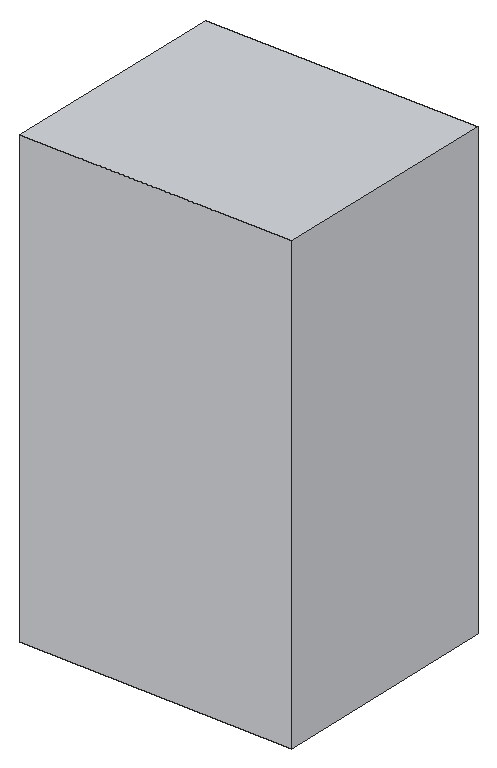
Revit family "Pump_Rheem_DeliverySkid", category Mechanical Equipment, Revit 2014 (continued)
Forms (mm)
  Extrusion 102, solid, material <- "PipingMaterial", visible <- "HeatExchange3D"
    sketch origin (-292.981, -369.876, -94.214) x (0, -1, 0) y (1, 0, 0)
      loop
        arc (-369.876, 138.491) -> (-369.29, 137.077) -> (-367.876, 136.491) r 2
        line (-367.876, 136.491) -> (-283.096, 136.491)
        arc (-283.096, 136.491) -> (-281.682, 137.077) -> (-281.096, 138.491) r 2
        line (-281.096, 138.491) -> (-281.096, 154.49)
        arc (-281.096, 154.49) -> (-281.682, 155.904) -> (-283.096, 156.49) r 2
        line (-283.096, 156.49) -> (-367.876, 156.49)
        arc (-367.876, 156.49) -> (-369.29, 155.904) -> (-369.876, 154.49) r 2
        line (-369.876, 154.49) -> (-369.876, 138.491)
    from 336.622 to 340.622
  Extrusion 103, solid, material <- "PipingMaterial", visible <- "HeatExchange3D"
    sketch origin (-292.981, -369.876, 565.786) x (0, 0, 1) y (0, -1, 0)
      loop
        arc (-308.75, -260.883) -> (-308.101, -259.316) -> (-307.879, -257.633) r 6.5
        line (-307.879, -257.633) -> (-307.879, -228.135) -> (-307.379, -224.635)
        arc (-307.379, -224.635) -> (-309.854, -225.661) -> (-310.879, -228.135) r 3.5
        line (-310.879, -228.135) -> (-310.879, -257.73)
        arc (-310.879, -257.73) -> (-310.986, -258.542) -> (-311.3, -259.3) r 3.14
        line (-311.3, -259.3) -> (-322.007, -277.846)
        arc (-322.007, -277.846) -> (-322.657, -279.414) -> (-322.878, -281.096) r 6.5
        line (-322.878, -281.096) -> (-319.878, -281.096)
        arc (-319.878, -281.096) -> (-319.759, -280.19) -> (-319.41, -279.346) r 3.5
        line (-319.41, -279.346) -> (-308.75, -260.883)
    from 138.491 to 154.49
  Sweep 104, solid, material <- "PipingMaterial", visible <- "HeatExchange3D"
    path origin (0, -36.875, 719.232) x (1, 0, 0) y (0, 1, 0)
      loop
        arc (-146.491, 115.714) -> (-134.189, 145.412) -> (-104.491, 157.714) r 42
        line (-104.491, 157.714) -> (41.495, 157.714)
        arc (41.495, 157.714) -> (71.193, 145.412) -> (83.495, 115.714) r 42
    profile origin (-31.498, 120.839, 719.232) x (0, 1, 0) y (0, 0, 1)
      loop
        circle (0, 0) r 21
  Revolve 105, solid, material <- "PipingMaterial", visible <- "HeatExchange3D"
    sketch origin (83.495, 0, 416.352) x (0, 1, 0) y (0, 0, 1)
      loop
        line (-224.908, 302.88) -> (-216.009, 302.88) -> (-216.009, 327.834) -> (-220.408, 327.834) -> (-222.408, 325.834) -> (-222.408, 323.834) -> (-224.908, 323.834) -> (-224.908, 302.88)
      loop
        line (-195.01, 325.379) -> (-195.01, 302.88) -> (-191.007, 302.88) -> (-191.007, 325.379) -> (-195.01, 325.379)
      loop
        line (-17.488, 302.88) -> (78.839, 302.88) -> (78.839, 323.88) -> (-17.488, 323.88) -> (-17.488, 302.88)
      axis (-224.908, 302.88) -> (78.839, 302.88)
    angle from 0 to 360
  Extrusion 106, solid, material <- "PipingMaterial", visible <- "HeatExchange3D"
    sketch origin (0, -483.916, 459.426) x (1, 0, 0) y (0, 0, -1)
      loop
        line (83.495, -229.806) -> (62.281, -238.593) -> (53.495, -259.806) -> (62.281, -281.019) -> (83.495, -289.806) -> (104.708, -281.019) -> (113.495, -259.806) -> (104.708, -238.593) -> (83.495, -229.806)
    from 267.907 to 288.906
  Extrusion 107, solid, material <- "PipingMaterial", visible <- "HeatExchange3D"
    sketch origin (-62.996, -491.445, 456.326) x (1, 0, 0) y (0, 0, -1)
      loop
        line (146.491, -236.831) -> (128.053, -244.468) -> (120.416, -262.906) -> (128.053, -281.343) -> (146.491, -288.98) -> (164.928, -281.343) -> (172.565, -262.906) -> (164.928, -244.468) -> (146.491, -236.831)
    from 316.456 to 334.553
  Extrusion 108, solid, material <- "PipingMaterial", visible <- "HeatExchange3D"
    sketch origin (-62.996, -369.899, 456.326) x (0, 0, -1) y (0, 1, 0)
      loop
        line (-308.75, 260.883) -> (-319.41, 279.346)
        arc (-319.41, 279.346) -> (-319.759, 280.19) -> (-319.878, 281.096) r 3.5
        line (-319.878, 281.096) -> (-322.878, 281.096)
        arc (-322.878, 281.096) -> (-322.657, 279.414) -> (-322.007, 277.846) r 6.5
        line (-322.007, 277.846) -> (-311.3, 259.3)
        arc (-311.3, 259.3) -> (-310.986, 258.542) -> (-310.879, 257.73) r 3.14
        line (-310.879, 257.73) -> (-310.879, 228.135)
        arc (-310.879, 228.135) -> (-309.854, 225.661) -> (-307.379, 224.635) r 3.5
        line (-307.379, 224.635) -> (-307.879, 228.135) -> (-307.879, 257.633)
        arc (-307.879, 257.633) -> (-308.101, 259.316) -> (-308.75, 260.883) r 6.5
    from 138.491 to 154.49
  Extrusion 109, solid, material <- "PipingMaterial", visible <- "HeatExchange3D"
    sketch origin (-62.996, -369.899, 456.326) x (1, 0, 0) y (0, 1, 0)
      loop
        arc (138.491, 369.876) -> (137.077, 369.29) -> (136.491, 367.876) r 2
        line (136.491, 367.876) -> (136.491, 283.096)
        arc (136.491, 283.096) -> (137.077, 281.682) -> (138.491, 281.096) r 2
        line (138.491, 281.096) -> (154.49, 281.096)
        arc (154.49, 281.096) -> (155.904, 281.682) -> (156.49, 283.096) r 2
        line (156.49, 283.096) -> (156.49, 367.876)
        arc (156.49, 367.876) -> (155.904, 369.29) -> (154.49, 369.876) r 2
        line (154.49, 369.876) -> (138.491, 369.876)
    from 319.378 to 323.378
  Extrusion 110, solid, material <- "PipingMaterial", visible <- "HeatExchange3D"
    sketch origin (-62.996, -369.899, 456.326) x (1, 0, 0) y (0, 1, 0)
      loop
        arc (155.659, 231.977) -> (156.566, 252.96) -> (135.583, 252.053) r 14.249
        line (135.583, 252.053) -> (124.992, 252.053) -> (124.992, 247.303) -> (132.944, 247.303)
        arc (132.944, 247.303) -> (136.415, 232.809) -> (150.91, 229.338) r 14.249
        line (150.91, 229.338) -> (150.91, 221.386) -> (155.659, 221.386) -> (155.659, 231.977)
    from 262.906 to 303.38
  Extrusion 111, solid, material <- "PipingMaterial", visible <- "HeatExchange3D"
    sketch origin (-62.996, -369.899, 456.326) x (1, 0, 0) y (0, 1, 0)
      loop
        line (150.893, 250.509) -> (142.088, 250.509) -> (137.686, 242.884) -> (142.088, 235.259) -> (150.893, 235.259) -> (155.295, 242.884) -> (150.893, 250.509)
    from 310.879 to 317.379
  Extrusion 112, solid, material <- "PipingMaterial", visible <- "HeatExchange3D"
    sketch origin (-62.996, -369.899, 456.326) x (1, 0, 0) y (0, 1, 0)
      loop
        circle (146.491, 242.884) r 5
    from 303.38 to 318.379
  Extrusion 113, solid, material <- "PipingMaterial", visible <- "HeatExchange3D"
    sketch origin (-62.996, -369.899, 456.326) x (1, 0, 0) y (0, 0, -1)
      loop
        line (146.491, -307.379) -> (151.491, -307.379) -> (149.688, -305.577) -> (149.688, -296.406) -> (146.491, -296.406) -> (143.293, -296.406) -> (143.293, -305.577) -> (141.491, -307.379) -> (146.491, -307.379)
    from 224.635 to 227.635
  Revolve 114, solid, material <- "PipingMaterial", visible <- "HeatExchange3D"
    sketch origin (-62.996, -370.528, 719.232) x (1, 0, 0) y (0, 1, 0)
      loop
        line (146.491, 179.521) -> (146.491, 194.887) -> (125.88, 194.887) -> (127.008, 194.236) -> (125.504, 193.367) -> (127.008, 192.499) -> (125.504, 191.63) -> (127.008, 190.762) -> (125.504, 189.893) -> (127.008, 189.025) -> (125.504, 188.156) -> (127.008, 187.287) -> (125.504, 186.419) -> (127.008, 185.55) -> (125.504, 184.682) -> (125.504, 179.521) -> (146.491, 179.521)
      loop
        line (114.016, 220.776) -> (119.016, 213.636) -> (146.491, 213.636) -> (146.491, 316.159) -> (119.571, 316.159) -> (121.07, 294.733)
        arc (121.07, 294.733) -> (121.226, 294.378) -> (121.573, 294.204) r 0.572
        line (121.573, 294.204) -> (126.344, 293.641) -> (125.504, 293.156) -> (127.008, 292.287) -> (125.504, 291.419) -> (127.008, 290.55) -> (125.504, 289.682) -> (122.653, 289.682) -> (122.653, 272.859)
        arc (122.653, 272.859) -> (122.538, 272.398) -> (122.144, 272.132) r 0.661
        line (122.144, 272.132) -> (119.516, 272.132)
        arc (119.516, 272.132) -> (119.162, 271.986) -> (119.016, 271.632) r 0.5
        line (119.016, 271.632) -> (119.016, 268.633) -> (114.016, 263.633) -> (114.016, 220.776)
      loop
        line (146.491, 348.046) -> (146.491, 352.389) -> (127.008, 352.389) -> (125.504, 351.52) -> (127.008, 350.651) -> (125.504, 349.783) -> (127.008, 348.914) -> (125.504, 348.046) -> (146.491, 348.046)
      axis (146.491, 179.521) -> (146.491, 352.389)
    angle from 0 to 360
  Extrusion 115, solid, material <- "PipingMaterial", visible <- "HeatExchange3D"
    sketch origin (-62.996, -373.81, 456.326) x (1, 0, 0) y (0, 0, -1)
      loop
        line (146.491, -227.906) -> (121.742, -238.157) -> (111.491, -262.906) -> (121.742, -287.654) -> (146.491, -297.906) -> (171.239, -287.654) -> (181.491, -262.906) -> (171.239, -238.157) -> (146.491, -227.906)
    from 319.441 to 337.895
  Extrusion 116, solid, material <- "PipingMaterial", visible <- "HeatExchange3D"
    sketch origin (-62.996, -355.356, 456.326) x (1, 0, 0) y (0, 0, -1)
      loop
        line (146.491, -237.906) -> (128.813, -245.228) -> (121.491, -262.906) -> (128.813, -280.583) -> (146.491, -287.906) -> (164.168, -280.583) -> (171.491, -262.906) -> (164.168, -245.228) -> (146.491, -237.906)
    from 319.441 to 333.525
  Sweep 117, solid, material <- "PipingMaterial", visible <- "HeatExchange3D"
    path origin (83.495, 615, 1018.066) x (0, 1, 0) y (0, 0, 1)
      loop
        arc (-839.908, -302.88) -> (-866.776, -314.01) -> (-877.906, -340.878) r 37.998
    profile origin (83.495, -251.776, 704.057) x (0, 0.707107, -0.707107) y (1, 0, 0)
      loop
        circle (0, 0) r 25
  Revolve 118, solid, material <- "PipingMaterial", visible <- "HeatExchange3D"
    sketch origin (0, -262.906, 1018.066) x (1, 0, 0) y (0, 0, 1)
      loop
        line (83.495, -340.878) -> (58.495, -340.878) -> (58.495, -343.91) -> (62.412, -343.91) -> (64.034, -344.923) -> (62.412, -345.936) -> (64.034, -346.949) -> (62.412, -347.963) -> (64.034, -348.976) -> (62.412, -349.989) -> (64.034, -351.002) -> (62.412, -352.015) -> (64.034, -353.029) -> (62.432, -354.029) -> (83.495, -354.029) -> (83.495, -340.878)
      axis (83.495, -340.878) -> (83.495, -354.029)
    angle from 0 to 360
  Revolve 119, solid, material <- "PipingMaterial", visible <- "HeatExchange3D"
    sketch origin (-146.491, 0, 416.352) x (0, 1, 0) y (0, 0, 1)
      loop
        line (-224.908, 302.88) -> (-216.009, 302.88) -> (-216.009, 327.834) -> (-220.408, 327.834) -> (-222.408, 325.834) -> (-222.408, 323.834) -> (-224.908, 323.834) -> (-224.908, 302.88)
      loop
        line (-195.01, 325.379) -> (-195.01, 302.88) -> (-191.007, 302.88) -> (-191.007, 325.379) -> (-195.01, 325.379)
      loop
        line (-17.488, 302.88) -> (78.839, 302.88) -> (78.839, 323.88) -> (-17.488, 323.88) -> (-17.488, 302.88)
      axis (-224.908, 302.88) -> (78.839, 302.88)
    angle from 0 to 360
  Extrusion 120, solid, material <- "PipingMaterial", visible <- "HeatExchange3D"
    sketch origin (-229.985, -483.916, 459.426) x (1, 0, 0) y (0, 0, -1)
      loop
        line (83.495, -229.806) -> (62.281, -238.593) -> (53.495, -259.806) -> (62.281, -281.019) -> (83.495, -289.806) -> (104.708, -281.019) -> (113.495, -259.806) -> (104.708, -238.593) -> (83.495, -229.806)
    from 267.907 to 288.906
  Extrusion 121, solid, material <- "PipingMaterial", visible <- "HeatExchange3D"
    sketch origin (-292.981, -491.445, 456.326) x (1, 0, 0) y (0, 0, -1)
      loop
        line (146.491, -236.831) -> (128.053, -244.468) -> (120.416, -262.906) -> (128.053, -281.343) -> (146.491, -288.98) -> (164.928, -281.343) -> (172.565, -262.906) -> (164.928, -244.468) -> (146.491, -236.831)
    from 316.456 to 334.553
  Extrusion 122, solid, material <- "PipingMaterial", visible <- "HeatExchange3D"
    sketch origin (-292.981, -369.899, 456.326) x (0, 0, -1) y (0, 1, 0)
      loop
        line (-308.75, 260.883) -> (-319.41, 279.346)
        arc (-319.41, 279.346) -> (-319.759, 280.19) -> (-319.878, 281.096) r 3.5
        line (-319.878, 281.096) -> (-322.878, 281.096)
        arc (-322.878, 281.096) -> (-322.657, 279.414) -> (-322.007, 277.846) r 6.5
        line (-322.007, 277.846) -> (-311.3, 259.3)
        arc (-311.3, 259.3) -> (-310.986, 258.542) -> (-310.879, 257.73) r 3.14
        line (-310.879, 257.73) -> (-310.879, 228.135)
        arc (-310.879, 228.135) -> (-309.854, 225.661) -> (-307.379, 224.635) r 3.5
        line (-307.379, 224.635) -> (-307.879, 228.135) -> (-307.879, 257.633)
        arc (-307.879, 257.633) -> (-308.101, 259.316) -> (-308.75, 260.883) r 6.5
    from 138.491 to 154.49
  Extrusion 123, solid, material <- "PipingMaterial", visible <- "HeatExchange3D"
    sketch origin (-292.981, -369.899, 456.326) x (1, 0, 0) y (0, 1, 0)
      loop
        arc (138.491, 369.876) -> (137.077, 369.29) -> (136.491, 367.876) r 2
        line (136.491, 367.876) -> (136.491, 283.096)
        arc (136.491, 283.096) -> (137.077, 281.682) -> (138.491, 281.096) r 2
        line (138.491, 281.096) -> (154.49, 281.096)
        arc (154.49, 281.096) -> (155.904, 281.682) -> (156.49, 283.096) r 2
        line (156.49, 283.096) -> (156.49, 367.876)
        arc (156.49, 367.876) -> (155.904, 369.29) -> (154.49, 369.876) r 2
        line (154.49, 369.876) -> (138.491, 369.876)
    from 319.378 to 323.378
  Extrusion 124, solid, material <- "PipingMaterial", visible <- "HeatExchange3D"
    sketch origin (-292.981, -369.899, 456.326) x (1, 0, 0) y (0, 1, 0)
      loop
        arc (155.659, 231.977) -> (156.566, 252.96) -> (135.583, 252.053) r 14.249
        line (135.583, 252.053) -> (124.992, 252.053) -> (124.992, 247.303) -> (132.944, 247.303)
        arc (132.944, 247.303) -> (136.415, 232.809) -> (150.91, 229.338) r 14.249
        line (150.91, 229.338) -> (150.91, 221.386) -> (155.659, 221.386) -> (155.659, 231.977)
    from 262.906 to 303.38
  Extrusion 125, solid, material <- "PipingMaterial", visible <- "HeatExchange3D"
    sketch origin (-292.981, -369.899, 456.326) x (1, 0, 0) y (0, 1, 0)
      loop
        line (150.893, 250.509) -> (142.088, 250.509) -> (137.686, 242.884) -> (142.088, 235.259) -> (150.893, 235.259) -> (155.295, 242.884) -> (150.893, 250.509)
    from 310.879 to 317.379
  Extrusion 126, solid, material <- "PipingMaterial", visible <- "HeatExchange3D"
    sketch origin (-292.981, -369.899, 456.326) x (1, 0, 0) y (0, 1, 0)
      loop
        circle (146.491, 242.884) r 5
    from 303.38 to 318.379
  Extrusion 127, solid, material <- "PipingMaterial", visible <- "HeatExchange3D"
    sketch origin (-292.981, -369.899, 456.326) x (1, 0, 0) y (0, 0, -1)
      loop
        line (146.491, -307.379) -> (151.491, -307.379) -> (149.688, -305.577) -> (149.688, -296.406) -> (146.491, -296.406) -> (143.293, -296.406) -> (143.293, -305.577) -> (141.491, -307.379) -> (146.491, -307.379)
    from 224.635 to 227.635
  Revolve 128, solid, material <- "PipingMaterial", visible <- "HeatExchange3D"
    sketch origin (-292.981, -370.528, 719.232) x (1, 0, 0) y (0, 1, 0)
      loop
        line (146.491, 179.521) -> (146.491, 194.887) -> (125.88, 194.887) -> (127.008, 194.236) -> (125.504, 193.367) -> (127.008, 192.499) -> (125.504, 191.63) -> (127.008, 190.762) -> (125.504, 189.893) -> (127.008, 189.025) -> (125.504, 188.156) -> (127.008, 187.287) -> (125.504, 186.419) -> (127.008, 185.55) -> (125.504, 184.682) -> (125.504, 179.521) -> (146.491, 179.521)
      loop
        line (114.016, 220.776) -> (119.016, 213.636) -> (146.491, 213.636) -> (146.491, 316.159) -> (119.571, 316.159) -> (121.07, 294.733)
        arc (121.07, 294.733) -> (121.226, 294.378) -> (121.573, 294.204) r 0.572
        line (121.573, 294.204) -> (126.344, 293.641) -> (125.504, 293.156) -> (127.008, 292.287) -> (125.504, 291.419) -> (127.008, 290.55) -> (125.504, 289.682) -> (122.653, 289.682) -> (122.653, 272.859)
        arc (122.653, 272.859) -> (122.538, 272.398) -> (122.144, 272.132) r 0.661
        line (122.144, 272.132) -> (119.516, 272.132)
        arc (119.516, 272.132) -> (119.162, 271.986) -> (119.016, 271.632) r 0.5
        line (119.016, 271.632) -> (119.016, 268.633) -> (114.016, 263.633) -> (114.016, 220.776)
      loop
        line (146.491, 348.046) -> (146.491, 352.389) -> (127.008, 352.389) -> (125.504, 351.52) -> (127.008, 350.651) -> (125.504, 349.783) -> (127.008, 348.914) -> (125.504, 348.046) -> (146.491, 348.046)
      axis (146.491, 179.521) -> (146.491, 352.389)
    angle from 0 to 360
  Extrusion 129, solid, material <- "PipingMaterial", visible <- "HeatExchange3D"
    sketch origin (-292.981, -373.81, 456.326) x (1, 0, 0) y (0, 0, -1)
      loop
        line (146.491, -227.906) -> (121.742, -238.157) -> (111.491, -262.906) -> (121.742, -287.654) -> (146.491, -297.906) -> (171.239, -287.654) -> (181.491, -262.906) -> (171.239, -238.157) -> (146.491, -227.906)
    from 319.441 to 337.895
  Extrusion 130, solid, material <- "PipingMaterial", visible <- "HeatExchange3D"
    sketch origin (-292.981, -355.356, 456.326) x (1, 0, 0) y (0, 0, -1)
      loop
        line (146.491, -237.906) -> (128.813, -245.228) -> (121.491, -262.906) -> (128.813, -280.583) -> (146.491, -287.906) -> (164.168, -280.583) -> (171.491, -262.906) -> (164.168, -245.228) -> (146.491, -237.906)
    from 319.441 to 333.525
  Sweep 131, solid, material <- "PipingMaterial", visible <- "HeatExchange3D"
    path origin (-146.491, 615, 1018.066) x (0, 1, 0) y (0, 0, 1)
      loop
        arc (-839.908, -302.88) -> (-866.776, -314.01) -> (-877.906, -340.878) r 37.998
    profile origin (-146.491, -251.776, 704.057) x (0, 0.707107, -0.707107) y (1, 0, 0)
      loop
        circle (0, 0) r 25
  Revolve 132, solid, material <- "PipingMaterial", visible <- "HeatExchange3D"
    sketch origin (-229.985, -262.906, 1018.066) x (1, 0, 0) y (0, 0, 1)
      loop
        line (83.495, -340.878) -> (58.495, -340.878) -> (58.495, -343.91) -> (62.412, -343.91) -> (64.034, -344.923) -> (62.412, -345.936) -> (64.034, -346.949) -> (62.412, -347.963) -> (64.034, -348.976) -> (62.412, -349.989) -> (64.034, -351.002) -> (62.412, -352.015) -> (64.034, -353.029) -> (62.432, -354.029) -> (83.495, -354.029) -> (83.495, -340.878)
      axis (83.495, -340.878) -> (83.495, -354.029)
    angle from 0 to 360
  Extrusion 133, solid, material <- "PipingMaterial", visible <- "HeatExchange3D"
    sketch origin (0, 0, 485.945) x (0, -1, 0) y (1, 0, 0)
      loop
        line (236.831, 146.491) -> (244.468, 128.053) -> (262.906, 120.416) -> (281.343, 128.053) -> (288.98, 146.491) -> (281.343, 164.928) -> (262.906, 172.565) -> (244.468, 164.928) -> (236.831, 146.491)
    from 324.453 to 343.202
  Extrusion 134, solid, material <- "PipingMaterial", visible <- "HeatExchange3D"
    sketch origin (0, 0, 366.958) x (0, -1, 0) y (1, 0, 0)
      loop
        line (227.906, 146.491) -> (238.157, 121.742) -> (262.906, 111.491) -> (287.654, 121.742) -> (297.906, 146.491) -> (287.654, 171.239) -> (262.906, 181.491) -> (238.157, 171.239) -> (227.906, 146.491)
    from 320.198 to 341.569
  Extrusion 135, solid, material <- "PipingMaterial", visible <- "HeatExchange3D"
    sketch origin (0, 0, 352.873) x (0, -1, 0) y (1, 0, 0)
      loop
        line (237.906, 146.491) -> (245.228, 128.813) -> (262.906, 121.491) -> (280.583, 128.813) -> (287.906, 146.491) -> (280.583, 164.168) -> (262.906, 171.491) -> (245.228, 164.168) -> (237.906, 146.491)
    from 323.115 to 334.282
  Extrusion 136, solid, material <- "PipingMaterial", visible <- "HeatExchange3D"
    sketch origin (292.981, 0, 1024.034) x (0, 1, 0) y (0, 0, -1)
      loop
        line (-308.75, 260.883) -> (-319.41, 279.346)
        arc (-319.41, 279.346) -> (-319.759, 280.19) -> (-319.878, 281.096) r 3.5
        line (-319.878, 281.096) -> (-322.878, 281.096)
        arc (-322.878, 281.096) -> (-322.657, 279.414) -> (-322.007, 277.846) r 6.5
        line (-322.007, 277.846) -> (-311.3, 259.3)
        arc (-311.3, 259.3) -> (-310.986, 258.542) -> (-310.879, 257.73) r 3.14
        line (-310.879, 257.73) -> (-310.879, 228.135)
        arc (-310.879, 228.135) -> (-309.854, 225.661) -> (-307.379, 224.635) r 3.5
        line (-307.379, 224.635) -> (-307.879, 228.135) -> (-307.879, 257.633)
        arc (-307.879, 257.633) -> (-308.101, 259.316) -> (-308.75, 260.883) r 6.5
    from 138.491 to 154.49
  Extrusion 137, solid, material <- "PipingMaterial", visible <- "HeatExchange3D"
    sketch origin (292.981, 0, 1024.034) x (-1, 0, 0) y (0, 0, -1)
      loop
        arc (138.491, 369.876) -> (137.077, 369.29) -> (136.491, 367.876) r 2
        line (136.491, 367.876) -> (136.491, 283.096)
        arc (136.491, 283.096) -> (137.077, 281.682) -> (138.491, 281.096) r 2
        line (138.491, 281.096) -> (154.49, 281.096)
        arc (154.49, 281.096) -> (155.904, 281.682) -> (156.49, 283.096) r 2
        line (156.49, 283.096) -> (156.49, 367.876)
        arc (156.49, 367.876) -> (155.904, 369.29) -> (154.49, 369.876) r 2
        line (154.49, 369.876) -> (138.491, 369.876)
    from 319.378 to 323.378
  Extrusion 138, solid, material <- "PipingMaterial", visible <- "HeatExchange3D"
    sketch origin (0, 0, 571.763) x (0, -1, 0) y (1, 0, 0)
      loop
        line (307.379, 146.491) -> (307.379, 151.491) -> (305.577, 149.688) -> (296.406, 149.688) -> (296.406, 146.491) -> (296.406, 143.293) -> (305.577, 143.293) -> (307.379, 141.491) -> (307.379, 146.491)
    from 224.635 to 227.635
  Extrusion 139, solid, material <- "PipingMaterial", visible <- "HeatExchange3D"
    sketch origin (0, 0, 1024.034) x (1, 0, 0) y (0, 0, 1)
      loop
        line (142.071, -229.338) -> (142.071, -221.386) -> (137.322, -221.386) -> (137.322, -231.977)
        arc (137.322, -231.977) -> (136.415, -252.96) -> (157.398, -252.053) r 14.249
        line (157.398, -252.053) -> (167.989, -252.053) -> (167.989, -247.303) -> (160.037, -247.303)
        arc (160.037, -247.303) -> (156.566, -232.809) -> (142.071, -229.338) r 14.249
    from 262.906 to 303.38
  Extrusion 140, solid, material <- "PipingMaterial", visible <- "HeatExchange3D"
    sketch origin (0, 0, 1024.034) x (1, 0, 0) y (0, 0, 1)
      loop
        line (150.893, -250.509) -> (155.295, -242.884) -> (150.893, -235.259) -> (142.088, -235.259) -> (137.686, -242.884) -> (142.088, -250.509) -> (150.893, -250.509)
    from 310.879 to 317.379
  Extrusion 141, solid, material <- "PipingMaterial", visible <- "HeatExchange3D"
    sketch origin (0, 0, 1024.034) x (1, 0, 0) y (0, 0, 1)
      loop
        circle (146.491, -242.884) r 5
    from 303.38 to 318.379
  Revolve 142, solid, material <- "PipingMaterial", visible <- "HeatExchange3D"
    sketch origin (0, -262.906, 1024.034) x (1, 0, 0) y (0, 0, 1)
      loop
        line (146.491, -141.891) -> (125.504, -141.891) -> (125.504, -184.682) -> (127.008, -185.55) -> (125.504, -186.419) -> (127.008, -187.287) -> (125.504, -188.156) -> (127.008, -189.025) -> (125.504, -189.893) -> (127.008, -190.762) -> (125.504, -191.63) -> (127.008, -192.499) -> (125.504, -193.367) -> (127.008, -194.236) -> (125.88, -194.887) -> (146.491, -194.887) -> (146.491, -141.891)
      loop
        line (114.016, -220.776) -> (114.016, -263.633) -> (119.016, -268.633) -> (119.016, -271.632)
        arc (119.016, -271.632) -> (119.162, -271.986) -> (119.516, -272.132) r 0.5
        line (119.516, -272.132) -> (122.144, -272.132)
        arc (122.144, -272.132) -> (122.538, -272.398) -> (122.653, -272.859) r 0.661
        line (122.653, -272.859) -> (122.653, -289.682) -> (125.504, -289.682) -> (127.008, -290.55) -> (125.504, -291.419) -> (127.008, -292.287) -> (125.504, -293.156) -> (126.344, -293.641) -> (121.573, -294.204)
        arc (121.573, -294.204) -> (121.226, -294.378) -> (121.07, -294.733) r 0.572
        line (121.07, -294.733) -> (119.617, -315.507) -> (146.491, -315.507) -> (146.491, -213.636) -> (119.016, -213.636) -> (114.016, -220.776)
      loop
        line (146.491, -348.046) -> (125.504, -348.046) -> (127.008, -348.914) -> (125.504, -349.783) -> (127.008, -350.651) -> (125.504, -351.52) -> (127.008, -352.389) -> (125.504, -353.257) -> (127.008, -354.126) -> (125.504, -354.994) -> (127.008, -355.863) -> (125.504, -356.731) -> (127.008, -357.6) -> (125.504, -358.468) -> (127.008, -359.337) -> (125.866, -359.997) -> (146.491, -359.997) -> (146.491, -348.046)
      axis (146.491, -141.891) -> (146.491, -359.997)
    angle from 0 to 360
  Extrusion 143, solid, material <- "PipingMaterial", visible <- "HeatExchange3D"
    sketch origin (-229.985, 0, 485.945) x (0, -1, 0) y (1, 0, 0)
      loop
        line (236.831, 146.491) -> (244.468, 128.053) -> (262.906, 120.416) -> (281.343, 128.053) -> (288.98, 146.491) -> (281.343, 164.928) -> (262.906, 172.565) -> (244.468, 164.928) -> (236.831, 146.491)
    from 324.453 to 343.202
  Extrusion 144, solid, material <- "PipingMaterial", visible <- "HeatExchange3D"
    sketch origin (-229.985, 0, 366.958) x (0, -1, 0) y (1, 0, 0)
      loop
        line (227.906, 146.491) -> (238.157, 121.742) -> (262.906, 111.491) -> (287.654, 121.742) -> (297.906, 146.491) -> (287.654, 171.239) -> (262.906, 181.491) -> (238.157, 171.239) -> (227.906, 146.491)
    from 320.198 to 341.569
  Extrusion 145, solid, material <- "PipingMaterial", visible <- "HeatExchange3D"
    sketch origin (-229.985, 0, 352.873) x (0, -1, 0) y (1, 0, 0)
      loop
        line (237.906, 146.491) -> (245.228, 128.813) -> (262.906, 121.491) -> (280.583, 128.813) -> (287.906, 146.491) -> (280.583, 164.168) -> (262.906, 171.491) -> (245.228, 164.168) -> (237.906, 146.491)
    from 323.115 to 334.282
  Extrusion 146, solid, material <- "PipingMaterial", visible <- "HeatExchange3D"
    sketch origin (62.996, 0, 1024.034) x (0, 1, 0) y (0, 0, -1)
      loop
        line (-308.75, 260.883) -> (-319.41, 279.346)
        arc (-319.41, 279.346) -> (-319.759, 280.19) -> (-319.878, 281.096) r 3.5
        line (-319.878, 281.096) -> (-322.878, 281.096)
        arc (-322.878, 281.096) -> (-322.657, 279.414) -> (-322.007, 277.846) r 6.5
        line (-322.007, 277.846) -> (-311.3, 259.3)
        arc (-311.3, 259.3) -> (-310.986, 258.542) -> (-310.879, 257.73) r 3.14
        line (-310.879, 257.73) -> (-310.879, 228.135)
        arc (-310.879, 228.135) -> (-309.854, 225.661) -> (-307.379, 224.635) r 3.5
        line (-307.379, 224.635) -> (-307.879, 228.135) -> (-307.879, 257.633)
        arc (-307.879, 257.633) -> (-308.101, 259.316) -> (-308.75, 260.883) r 6.5
    from 138.491 to 154.49
  Extrusion 147, solid, material <- "PipingMaterial", visible <- "HeatExchange3D"
    sketch origin (62.996, 0, 1024.034) x (-1, 0, 0) y (0, 0, -1)
      loop
        arc (138.491, 369.876) -> (137.077, 369.29) -> (136.491, 367.876) r 2
        line (136.491, 367.876) -> (136.491, 283.096)
        arc (136.491, 283.096) -> (137.077, 281.682) -> (138.491, 281.096) r 2
        line (138.491, 281.096) -> (154.49, 281.096)
        arc (154.49, 281.096) -> (155.904, 281.682) -> (156.49, 283.096) r 2
        line (156.49, 283.096) -> (156.49, 367.876)
        arc (156.49, 367.876) -> (155.904, 369.29) -> (154.49, 369.876) r 2
        line (154.49, 369.876) -> (138.491, 369.876)
    from 319.378 to 323.378
  Extrusion 148, solid, material <- "PipingMaterial", visible <- "HeatExchange3D"
    sketch origin (-229.985, 0, 571.763) x (0, -1, 0) y (1, 0, 0)
      loop
        line (307.379, 146.491) -> (307.379, 151.491) -> (305.577, 149.688) -> (296.406, 149.688) -> (296.406, 146.491) -> (296.406, 143.293) -> (305.577, 143.293) -> (307.379, 141.491) -> (307.379, 146.491)
    from 224.635 to 227.635
  Extrusion 149, solid, material <- "PipingMaterial", visible <- "HeatExchange3D"
    sketch origin (-229.985, 0, 1024.034) x (1, 0, 0) y (0, 0, 1)
      loop
        line (142.071, -229.338) -> (142.071, -221.386) -> (137.322, -221.386) -> (137.322, -231.977)
        arc (137.322, -231.977) -> (136.415, -252.96) -> (157.398, -252.053) r 14.249
        line (157.398, -252.053) -> (167.989, -252.053) -> (167.989, -247.303) -> (160.037, -247.303)
        arc (160.037, -247.303) -> (156.566, -232.809) -> (142.071, -229.338) r 14.249
    from 262.906 to 303.38
  Extrusion 150, solid, material <- "PipingMaterial", visible <- "HeatExchange3D"
    sketch origin (-229.985, 0, 1024.034) x (1, 0, 0) y (0, 0, 1)
      loop
        line (150.893, -250.509) -> (155.295, -242.884) -> (150.893, -235.259) -> (142.088, -235.259) -> (137.686, -242.884) -> (142.088, -250.509) -> (150.893, -250.509)
    from 310.879 to 317.379
  Extrusion 151, solid, material <- "PipingMaterial", visible <- "HeatExchange3D"
    sketch origin (-229.985, 0, 1024.034) x (1, 0, 0) y (0, 0, 1)
      loop
        circle (146.491, -242.884) r 5
    from 303.38 to 318.379
  Revolve 152, solid, material <- "PipingMaterial", visible <- "HeatExchange3D"
    sketch origin (-229.985, -262.906, 1024.034) x (1, 0, 0) y (0, 0, 1)
      loop
        line (146.491, -141.891) -> (125.504, -141.891) -> (125.504, -184.682) -> (127.008, -185.55) -> (125.504, -186.419) -> (127.008, -187.287) -> (125.504, -188.156) -> (127.008, -189.025) -> (125.504, -189.893) -> (127.008, -190.762) -> (125.504, -191.63) -> (127.008, -192.499) -> (125.504, -193.367) -> (127.008, -194.236) -> (125.88, -194.887) -> (146.491, -194.887) -> (146.491, -141.891)
      loop
        line (114.016, -220.776) -> (114.016, -263.633) -> (119.016, -268.633) -> (119.016, -271.632)
        arc (119.016, -271.632) -> (119.162, -271.986) -> (119.516, -272.132) r 0.5
        line (119.516, -272.132) -> (122.144, -272.132)
        arc (122.144, -272.132) -> (122.538, -272.398) -> (122.653, -272.859) r 0.661
        line (122.653, -272.859) -> (122.653, -289.682) -> (125.504, -289.682) -> (127.008, -290.55) -> (125.504, -291.419) -> (127.008, -292.287) -> (125.504, -293.156) -> (126.344, -293.641) -> (121.573, -294.204)
        arc (121.573, -294.204) -> (121.226, -294.378) -> (121.07, -294.733) r 0.572
        line (121.07, -294.733) -> (119.617, -315.507) -> (146.491, -315.507) -> (146.491, -213.636) -> (119.016, -213.636) -> (114.016, -220.776)
      loop
        line (146.491, -348.046) -> (125.504, -348.046) -> (127.008, -348.914) -> (125.504, -349.783) -> (127.008, -350.651) -> (125.504, -351.52) -> (127.008, -352.389) -> (125.504, -353.257) -> (127.008, -354.126) -> (125.504, -354.994) -> (127.008, -355.863) -> (125.504, -356.731) -> (127.008, -357.6) -> (125.504, -358.468) -> (127.008, -359.337) -> (125.866, -359.997) -> (146.491, -359.997) -> (146.491, -348.046)
      axis (146.491, -141.891) -> (146.491, -359.997)
    angle from 0 to 360
  Revolve 153, solid, material <- "PipingMaterial", visible <- "HeatExchange3D"
    sketch origin (-177.988, 120.97, 1077.23) x (1, 0, 0) y (0, 0, 1)
      loop
        line (146.491, 174.389) -> (146.491, 194.887) -> (125.88, 194.887) -> (127.008, 194.236) -> (125.504, 193.367) -> (127.008, 192.499) -> (125.504, 191.63) -> (127.008, 190.762) -> (125.504, 189.893) -> (127.008, 189.025) -> (125.504, 188.156) -> (127.008, 187.287) -> (125.504, 186.419) -> (127.008, 185.55) -> (125.504, 184.682) -> (125.504, 174.389) -> (146.491, 174.389)
      loop
        line (114.016, 220.776) -> (119.016, 213.636) -> (146.491, 213.636) -> (146.491, 290.77) -> (122.653, 290.77) -> (122.653, 272.859)
        arc (122.653, 272.859) -> (122.538, 272.398) -> (122.144, 272.132) r 0.661
        line (122.144, 272.132) -> (119.516, 272.132)
        arc (119.516, 272.132) -> (119.162, 271.986) -> (119.016, 271.632) r 0.5
        line (119.016, 271.632) -> (119.016, 268.633) -> (114.016, 263.633) -> (114.016, 220.776)
      axis (146.491, 174.389) -> (146.491, 290.77)
    angle from 0 to 360
  Extrusion 154, solid, material <- "PipingMaterial", visible <- "HeatExchange3D"
    sketch origin (-177.988, 383.875, 955.684) x (1, 0, 0) y (0, 1, 0)
      loop
        line (146.491, -236.831) -> (128.053, -244.468) -> (120.416, -262.906) -> (128.053, -281.343) -> (146.491, -288.98) -> (164.928, -281.343) -> (172.565, -262.906) -> (164.928, -244.468) -> (146.491, -236.831)
    from 315.782 to 335.182
  Extrusion 155, solid, material <- "PipingMaterial", visible <- "HeatExchange3D"
    sketch origin (-177.988, 383.875, 1077.23) x (1, 0, 0) y (0, 0, 1)
      loop
        arc (138.491, 369.876) -> (137.077, 369.29) -> (136.491, 367.876) r 2
        line (136.491, 367.876) -> (136.491, 283.096)
        arc (136.491, 283.096) -> (137.077, 281.682) -> (138.491, 281.096) r 2
        line (138.491, 281.096) -> (154.49, 281.096)
        arc (154.49, 281.096) -> (155.904, 281.682) -> (156.49, 283.096) r 2
        line (156.49, 283.096) -> (156.49, 367.876)
        arc (156.49, 367.876) -> (155.904, 369.29) -> (154.49, 369.876) r 2
        line (154.49, 369.876) -> (138.491, 369.876)
    from 319.378 to 323.378
  Extrusion 156, solid, material <- "PipingMaterial", visible <- "HeatExchange3D"
    sketch origin (-177.988, 383.875, 1077.23) x (0, 1, 0) y (0, 0, 1)
      loop
        line (-308.75, 260.883) -> (-319.41, 279.346)
        arc (-319.41, 279.346) -> (-319.759, 280.19) -> (-319.878, 281.096) r 3.5
        line (-319.878, 281.096) -> (-322.878, 281.096)
        arc (-322.878, 281.096) -> (-322.657, 279.414) -> (-322.007, 277.846) r 6.5
        line (-322.007, 277.846) -> (-311.3, 259.3)
        arc (-311.3, 259.3) -> (-310.986, 258.542) -> (-310.879, 257.73) r 3.14
        line (-310.879, 257.73) -> (-310.879, 228.135)
        arc (-310.879, 228.135) -> (-309.854, 225.661) -> (-307.379, 224.635) r 3.5
        line (-307.379, 224.635) -> (-307.879, 228.135) -> (-307.879, 257.633)
        arc (-307.879, 257.633) -> (-308.101, 259.316) -> (-308.75, 260.883) r 6.5
    from 138.491 to 154.49
  Extrusion 157, solid, material <- "PipingMaterial", visible <- "HeatExchange3D"
    sketch origin (-177.988, 383.875, 1077.23) x (1, 0, 0) y (0, 0, 1)
      loop
        arc (155.659, 231.977) -> (156.566, 252.96) -> (135.583, 252.053) r 14.249
        line (135.583, 252.053) -> (124.992, 252.053) -> (124.992, 247.303) -> (132.944, 247.303)
        arc (132.944, 247.303) -> (136.415, 232.809) -> (150.91, 229.338) r 14.249
        line (150.91, 229.338) -> (150.91, 221.386) -> (155.659, 221.386) -> (155.659, 231.977)
    from 262.906 to 303.38
  Extrusion 158, solid, material <- "PipingMaterial", visible <- "HeatExchange3D"
    sketch origin (-177.988, 383.875, 1077.23) x (1, 0, 0) y (0, 0, 1)
      loop
        line (150.893, 250.509) -> (142.088, 250.509) -> (137.686, 242.884) -> (142.088, 235.259) -> (150.893, 235.259) -> (155.295, 242.884) -> (150.893, 250.509)
    from 310.879 to 317.379
  Extrusion 159, solid, material <- "PipingMaterial", visible <- "HeatExchange3D"
    sketch origin (-177.988, 383.875, 1077.23) x (1, 0, 0) y (0, 0, 1)
      loop
        circle (146.491, 242.884) r 5
    from 303.38 to 318.379
  Extrusion 160, solid, material <- "PipingMaterial", visible <- "HeatExchange3D"
    sketch origin (-177.988, 383.875, 1077.23) x (1, 0, 0) y (0, 1, 0)
      loop
        line (146.491, -307.379) -> (151.491, -307.379) -> (149.688, -305.577) -> (149.688, -296.406) -> (146.491, -296.406) -> (143.293, -296.406) -> (143.293, -305.577) -> (141.491, -307.379) -> (146.491, -307.379)
    from 224.635 to 227.635
  Revolve 161, solid, material <- "PipingMaterial", visible <- "HeatExchange3D"
    sketch origin (0, 120.97, 0) x (1, 0, 0) y (0, 0, 1)
      loop
        line (-31.498, 1251.619) -> (-31.498, 1103.927) -> (38.498, 1104.415) -> (38.498, 1118.366) -> (11.805, 1118.366) -> (11.805, 1122.127) -> (30.998, 1122.127) -> (30.998, 1125.127) -> (11.805, 1125.127) -> (11.805, 1127.127) -> (38.498, 1127.127) -> (38.498, 1143.126) -> (-10.512, 1143.126) -> (-10.512, 1251.619) -> (-31.498, 1251.619)
      axis (-31.498, 1103.927) -> (-31.498, 1251.619)
    angle from 0 to 360
  Extrusion 162, solid, material <- "BodyMaterial", visible <- "HeatExchange3D"
    sketch origin (0, 0, 0) x (0, 1, 0) y (0, 0, 1)
      loop
        line (254.961, 1226.913) -> (154.967, 1244.544) -> (154.967, 1242.513) -> (252.961, 1225.234) -> (252.961, 918.14) -> (254.961, 918.14) -> (254.961, 1224.882) -> (254.961, 1226.913)
    from -249.981 to 249.981
  Extrusion 163, solid, material <- "MotorMaterial", visible <- "HeatExchange3D"
    sketch origin (0, 0, 0) x (1, 0, 0) y (0, 0, 1)
      loop
        arc (-20.093, 1132.342) -> (-109.68, 1127.045) -> (-193.338, 1094.561) r 289.437
        arc (-193.338, 1094.561) -> (-229.335, 1032.036) -> (-193.338, 969.511) r 72.299
        arc (-193.338, 969.511) -> (-110.634, 937.237) -> (-22.038, 931.549) r 289.437
        arc (-22.038, 931.549) -> (-11.597, 936.894) -> (-7.784, 947.987) r 15.683
        arc (-7.784, 947.987) -> (-6.095, 1034.014) -> (-7.792, 1120.04) r 2186.985
        arc (-7.792, 1120.04) -> (-11.395, 1128.739) -> (-20.093, 1132.342) r 12.301
    from -8.977 to 177.451
  Extrusion 164, solid, material <- "MotorMaterial", visible <- "HeatExchange3D"
    sketch origin (254.529, 0, -49.997) x (1, 0, 0) y (0, 0, 1)
      loop
        arc (-12.094, 1132.17) -> (-100.754, 1126.507) -> (-183.52, 1094.219) r 289.437
        arc (-183.52, 1094.219) -> (-219.518, 1031.694) -> (-183.52, 969.169) r 72.299
        arc (-183.52, 969.169) -> (-100.817, 936.895) -> (-12.221, 931.207) r 289.437
        arc (-12.221, 931.207) -> (-1.779, 936.552) -> (2.034, 947.645) r 15.683
        arc (2.034, 947.645) -> (3.699, 1032.838) -> (2.045, 1118.031) r 2187.474
        arc (2.045, 1118.031) -> (-2.096, 1128.029) -> (-12.094, 1132.17) r 14.139
    from -8.977 to 177.451
  Extrusion 165, solid, material <- "PipingMaterial", visible <- "HeatExchange3D"
    sketch origin (-326.265, 0, 648.701) x (0, -1, 0) y (1, 0, 0)
      loop
        line (250.925, 146.491) -> (254.434, 138.019) -> (262.906, 134.51) -> (271.377, 138.019) -> (274.886, 146.491) -> (271.377, 154.962) -> (262.906, 158.471) -> (254.434, 154.962) -> (250.925, 146.491)
    from 331.219 to 343.885
  Extrusion 166, solid, material <- "PipingMaterial", visible <- "HeatExchange3D"
    sketch origin (-326.265, 0, 631.202) x (0, -1, 0) y (1, 0, 0)
      loop
        line (250.906, 146.491) -> (254.42, 138.005) -> (262.906, 134.491) -> (271.391, 138.005) -> (274.906, 146.491) -> (271.391, 154.976) -> (262.906, 158.491) -> (254.42, 154.976) -> (250.906, 146.491)
    from 337.686 to 343.885
  Extrusion 167, solid, material <- "PipingMaterial", visible <- "HeatExchange3D"
    sketch origin (-326.265, 0, 611.202) x (0, -1, 0) y (1, 0, 0)
      loop
        line (252.906, 146.491) -> (255.835, 139.419) -> (262.906, 136.491) -> (269.977, 139.419) -> (272.906, 146.491) -> (269.977, 153.562) -> (262.906, 156.491) -> (255.835, 153.562) -> (252.906, 146.491)
    from 330.878 to 337.186
  Revolve 168, solid, material <- "PipingMaterial", visible <- "HeatExchange3D"
    sketch origin (0, -262.906, 0) x (1, 0, 0) y (0, 0, 1)
      loop
        line (-179.774, 1085.805) -> (-182.613, 1085.805) -> (-182.613, 999.353) -> (-185.313, 999.353)
        arc (-185.313, 999.353) -> (-189.071, 996.857) -> (-190.525, 992.586) r 7
        line (-190.525, 992.586) -> (-179.774, 992.586) -> (-179.774, 1085.805)
      loop
        line (-187.921, 979.92) -> (-189.361, 978.712) -> (-187.921, 977.503) -> (-189.361, 976.295) -> (-187.921, 975.087) -> (-179.774, 975.087) -> (-179.774, 979.92) -> (-187.921, 979.92)
      loop
        line (-187.921, 968.887) -> (-189.361, 967.679) -> (-187.921, 966.471) -> (-189.361, 965.263) -> (-187.921, 964.054) -> (-190.409, 963.388) -> (-190.409, 948.388) -> (-179.774, 948.388) -> (-179.774, 968.887) -> (-187.921, 968.887)
      loop
        line (-190.309, 939.26) -> (-191.149, 938.556) -> (-190.309, 937.851) -> (-191.149, 937.146) -> (-190.309, 936.441) -> (-190.309, 935.468) -> (-192.313, 935.468) -> (-192.313, 882.143) -> (-179.774, 882.143) -> (-179.774, 942.08) -> (-190.309, 942.08) -> (-191.149, 941.375) -> (-190.309, 940.67) -> (-191.149, 939.965) -> (-190.309, 939.26)
      axis (-179.774, 1085.805) -> (-179.774, 882.143)
    angle from 0 to 360
  Revolve 169, solid, material <- "PipingMaterial", visible <- "HeatExchange3D"
    sketch origin (0, -262.906, 0) x (1, 0, 0) y (0, 0, 1)
      loop
        line (-254.984, 882.143) -> (-254.984, 970.537) -> (-271.628, 970.537) -> (-272.276, 960.138) -> (-269.32, 960.138)
        arc (-269.32, 960.138) -> (-268.821, 958.279) -> (-270.333, 957.088) r 1.748
        line (-270.333, 957.088) -> (-270.355, 954.241)
        arc (-270.355, 954.241) -> (-271.123, 954.017) -> (-271.598, 953.372) r 1.25
        line (-271.598, 953.372) -> (-271.451, 948.096) -> (-270.564, 946.559) -> (-270.273, 939.923) -> (-268.831, 938.613) -> (-266.942, 938.107) -> (-266.942, 936.149) -> (-268.177, 936.149) -> (-268.177, 882.143) -> (-254.984, 882.143)
      axis (-254.984, 882.143) -> (-254.984, 970.537)
    angle from 0 to 360
  Extrusion 170, solid, material <- "PipingMaterial", visible <- "HeatExchange3D"
    sketch origin (-260.656, 103.275, 0) x (0.707107, 0.707107, 0) y (-0.707107, 0.707107, 0)
      loop
        line (-272.492, -245.502) -> (-272.492, -280.502) -> (-237.492, -280.502) -> (-237.492, -245.502) -> (-272.492, -245.502)
    from 970.537 to 1004.435
  Revolve 171, solid, material <- "PipingMaterial", visible <- "HeatExchange3D"
    sketch origin (0, 0, 993.125) x (1, 0, 0) y (0, 1, 0)
      loop
        line (-267.366, -250.627) -> (-263.411, -246.672) -> (-272.383, -237.699) -> (-274.633, -239.948) -> (-278.517, -236.064) -> (-280.223, -237.77) -> (-267.366, -250.627)
      axis (-267.366, -250.627) -> (-280.223, -237.77)
    angle from 0 to 360
  Extrusion 172, solid, material <- "MotorMaterial", visible <- "HeatExchange3D"
    sketch origin (0, 0, 0) x (1, 0, 0) y (0, 0, 1)
      loop
        line (33.498, 1104.415) -> (-101.493, 1104.415)
        arc (-101.493, 1104.415) -> (-147.679, 1101.944) -> (-193.338, 1094.561) r 432.971
        arc (-193.338, 1094.561) -> (-229.335, 1032.036) -> (-193.338, 969.511) r 72.299
        arc (-193.338, 969.511) -> (-110.634, 937.237) -> (-22.038, 931.549) r 289.437
        arc (-22.038, 931.549) -> (-11.597, 936.894) -> (-7.784, 947.987) r 15.683
        arc (-7.784, 947.987) -> (-7.272, 962.159) -> (-6.853, 976.335) r 2186.985
        arc (-6.853, 976.335) -> (19.794, 978.234) -> (17.896, 951.586) r 17.679
        arc (17.896, 951.586) -> (8.629, 942.816) -> (1.601, 932.167) r 55.705
        line (1.601, 932.167) -> (1.601, 918.14) -> (98.742, 913.33)
        arc (98.742, 913.33) -> (170.831, 986.419) -> (96.755, 1057.494) r 72.096
        arc (96.755, 1057.494) -> (53.437, 1065.195) -> (33.498, 1104.415) r 49.327
    from -188.515 to -8.977
  Revolve 173, solid, material <- "PipingMaterial", visible <- "HeatExchange3D"
    sketch origin (0, 120.594, 0) x (1, 0, 0) y (0, 0, 1)
      loop
        line (-31.498, 719.582) -> (-12.294, 719.582) -> (-12.294, 814.947) -> (4, 814.947) -> (4, 844.945) -> (-10.419, 844.945) -> (-10.419, 949.363) -> (-31.498, 949.363) -> (-31.498, 719.582)
      axis (-31.498, 719.582) -> (-31.498, 949.363)
    angle from 0 to 360
  Revolve 174, solid, material <- "PipingMaterial", visible <- "HeatExchange3D"
    sketch origin (-31.498, 0, 0) x (0, 1, 0) y (0, 0, 1)
      loop
        line (265.46, 302.88) -> (326.39, 302.88) -> (326.39, 323.29) -> (325.511, 321.657) -> (324.778, 323.328) -> (323.912, 321.722) -> (323.179, 323.393) -> (322.314, 321.786) -> (321.58, 323.457) -> (320.715, 321.851) -> (319.982, 323.522) -> (319.116, 321.915) -> (318.383, 323.586) -> (317.518, 321.98) -> (316.784, 323.651) -> (315.919, 322.044) -> (315.186, 323.715) -> (314.32, 322.109) -> (313.575, 323.807) -> (312.696, 322.174) -> (311.951, 323.872) -> (311.071, 322.24) -> (310.326, 323.938) -> (309.447, 322.305) -> (308.702, 324.003) -> (307.823, 322.371) -> (307.078, 324.069) -> (306.198, 322.436) -> (305.453, 324.134) -> (304.574, 322.502) -> (303.829, 324.2) -> (303.792, 323.29) -> (296.538, 324.068) -> (295.898, 323.428) -> (265.46, 323.959) -> (265.46, 302.88)
      axis (265.46, 302.88) -> (326.39, 302.88)
    angle from 0 to 360
  Revolve 175, solid, material <- "PipingMaterial", visible <- "HeatExchange3D"
    sketch origin (0, 0, 302.88) x (1, 0, 0) y (0, 1, 0)
      loop
        line (-16.498, 265.46) -> (-31.498, 265.46) -> (-31.498, 120.781) -> (-16.498, 120.781) -> (-16.498, 195.46) -> (-8.927, 195.46) -> (-8.927, 230.46) -> (-16.498, 230.46) -> (-16.498, 265.46)
      axis (-31.498, 120.781) -> (-31.498, 265.46)
    angle from 0 to 360
  Extrusion 176, solid, visible <- "HeatExchangeSymbol"
    sketch origin (0, 0, 0) x (1, 0, 0) y (0, 1, 0)
      loop
        line (-408, 350) -> (-408, -350) -> (408, -350) -> (408, 350) -> (-408, 350)
    from 0 to 1368
Lines and regions (mm)
  model lines, style "LOD100", visible <- "HeatExchangeSymbol"
    curve 1: line (-408, 350, 1368) -> (408, -350, 1368)
    curve 2: line (-408, -350, 1368) -> (408, -350, 0)
    curve 3: line (-408, 350, 1368) -> (-408, -350, 0)
    curve 4: line (408, 350, 1368) -> (-408, 350, 0)
    curve 5: line (408, -350, 1368) -> (408, 350, 6)
    curve 6: line (408, 350, 0) -> (-408, -350, 0)
Dimensions and locks
  equal spacing: plane 7, plane 3 "Center (Left/Right)", plane 6
  "TotalLength": plane 7 to plane 6
  "TotalWidth": plane 4 to plane 5
  equal spacing: plane 5, plane 1 "Center (Front/Back)", plane 4
  "TotalHeight": plane 8 to level
  plane 7 to plane 6 = 816 mm
  plane 5 to plane 4 = 700 mm
  aligned and locked: level to plane 2
Automatic sketch dimensions
  Extrusion 1 sketch curve to Extrusion 1 sketch curve = 0 mm  (x18)
  Extrusion 1 sketch curve to level = 0 mm  (x2)
  Extrusion 1 sketch curve to plane 7 = 83.021 mm
  Extrusion 1 sketch curve to Extrusion 1 sketch curve = 2 mm  (x2)
  Extrusion 1 sketch curve to Extrusion 1 sketch curve = 4 mm  (x5)
  Extrusion 1 sketch curve to Extrusion 1 sketch curve = 137.991 mm
  level to Extrusion 1 sketch curve = 6 mm
  plane 3 "Center (Left/Right)" to Extrusion 1 sketch curve = 174.989 mm
  level to Extrusion 1 sketch curve = 49.997 mm
  Extrusion 1 sketch curve to plane 6 = 89.021 mm
  Extrusion 1 sketch curve to Extrusion 1 sketch curve = 37.998 mm
  Extrusion 2 sketch curve to plane 6 = 158.019 mm
  Extrusion 2 sketch curve to Extrusion 2 sketch curve = 0 mm
  Extrusion 2 sketch curve to Extrusion 2 sketch curve = 42 mm  (x2)
  Extrusion 2 sketch curve to Extrusion 2 sketch curve = 4 mm  (x6)
  Extrusion 2 sketch curve to plane 1 "Center (Front/Back)" = 154.967 mm
  Extrusion 2 sketch curve to Extrusion 2 sketch curve = 83.994 mm
  plane 7 to Extrusion 3 sketch curve = 158.019 mm
  Extrusion 3 sketch curve to Extrusion 3 sketch curve = 0 mm
  Extrusion 3 sketch curve to Extrusion 3 sketch curve = 42 mm  (x2)
  Extrusion 3 sketch curve to Extrusion 3 sketch curve = 4 mm  (x6)
  plane 1 "Center (Front/Back)" to Extrusion 3 sketch curve = 154.967 mm
  Extrusion 3 sketch curve to Extrusion 3 sketch curve = 83.994 mm
  Extrusion 5 sketch curve to plane 1 "Center (Front/Back)" = 154.967 mm
  Extrusion 5 sketch curve to Extrusion 5 sketch curve = 41.804 mm  (x2)
  Extrusion 5 sketch curve to Extrusion 5 sketch curve = 5 mm  (x3)
  Extrusion 5 sketch curve to plane 8 = 407.612 mm
  Extrusion 5 sketch curve to Extrusion 5 sketch curve = 189.988 mm
  plane 5 to Extrusion 6 sketch curve = 109.076 mm
  Extrusion 6 sketch curve to plane 8 = 54.301 mm
  Extrusion 6 sketch curve to Extrusion 6 sketch curve = 0.713 mm
  Extrusion 6 sketch curve to Extrusion 6 sketch curve = 1.066 mm
  Extrusion 6 sketch curve to plane 8 = 54.024 mm
  Extrusion 6 sketch curve to Extrusion 6 sketch curve = 1.413 mm
  Extrusion 6 sketch curve to plane 1 "Center (Front/Back)" = 152.025 mm
  Extrusion 6 sketch curve to plane 1 "Center (Front/Back)" = 154.967 mm
  Extrusion 6 sketch curve to plane 8 = 123.456 mm
  Extrusion 6 sketch curve to Extrusion 6 sketch curve = 324.404 mm
  Extrusion 6 sketch curve to Extrusion 6 sketch curve = 0.609 mm
  Extrusion 7 sketch curve to plane 1 "Center (Front/Back)" = 154.967 mm
  Extrusion 7 sketch curve to Extrusion 7 sketch curve = 41.804 mm  (x2)
  Extrusion 7 sketch curve to Extrusion 7 sketch curve = 5 mm  (x3)
  Extrusion 7 sketch curve to plane 8 = 207.625 mm
  Extrusion 7 sketch curve to Extrusion 7 sketch curve = 189.988 mm
  plane 5 to Extrusion 8 sketch curve = 109.076 mm
  Extrusion 8 sketch curve to plane 8 = 54.301 mm
  Extrusion 8 sketch curve to Extrusion 8 sketch curve = 0.713 mm
  Extrusion 8 sketch curve to Extrusion 8 sketch curve = 1.066 mm
  Extrusion 8 sketch curve to plane 8 = 54.024 mm
  Extrusion 8 sketch curve to Extrusion 8 sketch curve = 1.413 mm
  Extrusion 8 sketch curve to plane 1 "Center (Front/Back)" = 152.025 mm
  Extrusion 8 sketch curve to plane 1 "Center (Front/Back)" = 154.967 mm
  Extrusion 8 sketch curve to Extrusion 8 sketch curve = 0.609 mm
  Extrusion 8 sketch curve to plane 8 = 123.456 mm
  Extrusion 8 sketch curve to Extrusion 8 sketch curve = 324.404 mm
  Extrusion 9 sketch curve to plane 7 = 104.82 mm
  Extrusion 9 sketch curve to Extrusion 9 sketch curve = 2 mm  (x2)
  Extrusion 9 sketch curve to plane 6 = 106.819 mm
  level to Extrusion 9 sketch curve = 305.98 mm  (x2)
  Extrusion 9 sketch curve to Extrusion 9 sketch curve = 38.997 mm
  Extrusion 9 sketch curve to Extrusion 9 sketch curve = 7 mm
  Extrusion 10 sketch curve to plane 6 = 158.019 mm
  Extrusion 10 sketch curve to Extrusion 10 sketch curve = 0 mm
  Extrusion 10 sketch curve to Extrusion 10 sketch curve = 42 mm  (x2)
  Extrusion 10 sketch curve to Extrusion 10 sketch curve = 4 mm  (x6)
  plane 1 "Center (Front/Back)" to Extrusion 10 sketch curve = 170.012 mm
  plane 1 "Center (Front/Back)" to Extrusion 10 sketch curve = 78.018 mm
  plane 7 to Extrusion 11 sketch curve = 158.019 mm
  Extrusion 11 sketch curve to Extrusion 11 sketch curve = 0 mm
  Extrusion 11 sketch curve to Extrusion 11 sketch curve = 42 mm  (x2)
  Extrusion 11 sketch curve to Extrusion 11 sketch curve = 4 mm  (x6)
  Extrusion 11 sketch curve to plane 1 "Center (Front/Back)" = 170.012 mm
  Extrusion 11 sketch curve to plane 1 "Center (Front/Back)" = 78.018 mm
  plane 3 "Center (Left/Right)" to Sweep 12 sketch curve = 51.498 mm
  Sweep 12 sketch curve to Sweep 12 sketch curve = 1 mm  (x3)
  Sweep 12 sketch curve to Sweep 12 sketch curve = 124.989 mm  (x2)
  level to Sweep 12 sketch curve = 376.977 mm
  Sweep 12 sketch curve to Sweep 12 sketch curve = 260.06 mm
  Sweep 12 sketch curve to profile plane = 0 mm
  Sweep 12 sketch curve to Sweep 12 sketch curve = 24.998 mm
  Sweep 12 sketch curve to plane 1 "Center (Front/Back)" = 263.56 mm
  plane 1 "Center (Front/Back)" to Sweep 12 sketch curve = 27.921 mm
  Sweep 12 sketch curve to Sweep 12 sketch curve = 266.483 mm
  plane 3 "Center (Left/Right)" to Extrusion 13 sketch curve = 51.498 mm
  Extrusion 13 sketch curve to Extrusion 13 sketch curve = 1 mm  (x3)
  Extrusion 13 sketch curve to Extrusion 13 sketch curve = 124.989 mm  (x2)
  level to Extrusion 13 sketch curve = 376.977 mm
  Extrusion 13 sketch curve to Extrusion 13 sketch curve = 260.06 mm
  Extrusion 14 sketch curve to plane 1 "Center (Front/Back)" = 104.971 mm
  Extrusion 14 sketch curve to Extrusion 14 sketch curve = 43.997 mm  (x2)
  Extrusion 14 sketch curve to Extrusion 14 sketch curve = 3 mm  (x3)
  level to Extrusion 14 sketch curve = 664.037 mm
  Revolve 15 sketch curve to plane 7 = 16.025 mm
  Revolve 15 sketch curve to Revolve 15 sketch curve = 9.093 mm
  Revolve 15 sketch curve to Revolve 15 sketch curve = 4.41 mm  (x2)
  Revolve 15 sketch curve to Revolve 15 sketch curve = 0.496 mm  (x2)
  Revolve 15 sketch curve to Revolve 15 sketch curve = 21.905 mm
  Revolve 15 sketch curve to Revolve 15 sketch curve = 0.254 mm
  Revolve 15 sketch curve to Revolve 15 sketch curve = 3 mm  (x4)
  Revolve 15 sketch curve to Revolve 15 sketch curve = 2.745 mm
  Revolve 15 sketch curve to Revolve 15 sketch curve = 16.999 mm  (x2)
  Revolve 15 sketch curve to Revolve 15 sketch curve = 9.451 mm
  Revolve 15 sketch curve to Revolve 15 sketch curve = 5.642 mm
  Revolve 15 sketch curve to Revolve 15 sketch curve = 5.973 mm
  Revolve 15 sketch curve to plane 6 = 98.926 mm
  Revolve 15 sketch curve to Revolve 15 sketch curve = 5.906 mm
  Revolve 15 sketch curve to Revolve 15 sketch curve = 13.999 mm
  Revolve 15 sketch curve to Revolve 15 sketch curve = 1.944 mm
  Revolve 15 sketch curve to Revolve 15 sketch curve = 6 mm
  level to Revolve 15 sketch curve = 141.891 mm
  Revolve 15 sketch curve to Revolve 15 sketch curve = 26.932 mm
  Revolve 15 sketch curve to Revolve 15 sketch curve = 0 mm  (x5)
  Revolve 15 sketch curve to Revolve 15 sketch curve = 30.148 mm
  Revolve 15 sketch curve to Revolve 15 sketch curve = 5.148 mm
  Revolve 15 sketch curve to Revolve 15 sketch curve = 1.932 mm
  Revolve 15 sketch curve to Revolve 15 sketch curve = 5.461 mm
  Revolve 15 sketch curve to Revolve 15 sketch curve = 17.259 mm
  Revolve 15 sketch curve to Revolve 15 sketch curve = 9.712 mm
  Revolve 15 sketch curve to Revolve 15 sketch curve = 7.949 mm
  Revolve 15 sketch curve to Revolve 15 sketch curve = 22.854 mm
  Revolve 15 sketch curve to Revolve 15 sketch curve = 7.5 mm  (x2)
  Revolve 15 sketch curve to Revolve 15 sketch curve = 31.498 mm
  Revolve 15 sketch curve to plane 6 = 23.023 mm
  plane 5 to Extrusion 16 sketch curve = 73.958 mm
  Extrusion 16 sketch curve to Extrusion 16 sketch curve = 6.492 mm  (x2)
  Extrusion 16 sketch curve to Extrusion 16 sketch curve = 19.78 mm
  level to Extrusion 16 sketch curve = 128.754 mm
  Revolve 17 sketch curve to plane 7 = 55.768 mm
  Revolve 17 sketch curve to Revolve 17 sketch curve = 17.253 mm
  Revolve 17 sketch curve to Revolve 17 sketch curve = 0.5 mm
  Revolve 17 sketch curve to Revolve 17 sketch curve = 7.998 mm
  level to Revolve 17 sketch curve = 185.856 mm
  Revolve 17 sketch curve to Revolve 17 sketch curve = 0.227 mm
  Revolve 17 sketch curve to Revolve 17 sketch curve = 17.475 mm
  Revolve 17 sketch curve to Revolve 17 sketch curve = 8.583 mm
  Revolve 17 sketch curve to Revolve 17 sketch curve = 0 mm  (x2)
  plane 5 to Extrusion 18 sketch curve = 32.251 mm
  Extrusion 18 sketch curve to Extrusion 18 sketch curve = 10.652 mm  (x3)
  Extrusion 18 sketch curve to Extrusion 18 sketch curve = 0 mm
  level to Extrusion 18 sketch curve = 173.782 mm
  Extrusion 18 sketch curve to Extrusion 18 sketch curve = 6.15 mm  (x3)
  Extrusion 18 sketch curve to Extrusion 18 sketch curve = 12.3 mm  (x3)
  Revolve 19 sketch curve to plane 7 = 55.768 mm
  Revolve 19 sketch curve to Revolve 19 sketch curve = 17.253 mm
  Revolve 19 sketch curve to Revolve 19 sketch curve = 0.5 mm
  Revolve 19 sketch curve to Revolve 19 sketch curve = 7.998 mm
  level to Revolve 19 sketch curve = 97.473 mm
  Revolve 19 sketch curve to Revolve 19 sketch curve = 0.227 mm
  Revolve 19 sketch curve to Revolve 19 sketch curve = 17.475 mm
  Revolve 19 sketch curve to Revolve 19 sketch curve = 8.583 mm
  Revolve 19 sketch curve to Revolve 19 sketch curve = 0 mm  (x2)
  plane 5 to Extrusion 20 sketch curve = 32.251 mm
  Extrusion 20 sketch curve to Extrusion 20 sketch curve = 10.652 mm  (x3)
  Extrusion 20 sketch curve to Extrusion 20 sketch curve = 0 mm
  level to Extrusion 20 sketch curve = 85.4 mm
  Extrusion 20 sketch curve to Extrusion 20 sketch curve = 6.15 mm  (x3)
  Extrusion 20 sketch curve to Extrusion 20 sketch curve = 12.3 mm  (x3)
  Revolve 21 sketch curve to plane 7 = 55.768 mm
  Revolve 21 sketch curve to Revolve 21 sketch curve = 17.253 mm
  Revolve 21 sketch curve to Revolve 21 sketch curve = 0.5 mm
  Revolve 21 sketch curve to Revolve 21 sketch curve = 7.998 mm
  level to Revolve 21 sketch curve = 97.473 mm
  Revolve 21 sketch curve to Revolve 21 sketch curve = 0.227 mm
  Revolve 21 sketch curve to Revolve 21 sketch curve = 17.475 mm
  Revolve 21 sketch curve to Revolve 21 sketch curve = 8.583 mm
  Revolve 21 sketch curve to Revolve 21 sketch curve = 0 mm  (x2)
  plane 5 to Extrusion 22 sketch curve = 120.634 mm
  Extrusion 22 sketch curve to Extrusion 22 sketch curve = 10.652 mm  (x3)
  Extrusion 22 sketch curve to Extrusion 22 sketch curve = 0 mm
  level to Extrusion 22 sketch curve = 85.4 mm
  Extrusion 22 sketch curve to Extrusion 22 sketch curve = 6.15 mm  (x3)
  Extrusion 22 sketch curve to Extrusion 22 sketch curve = 12.3 mm  (x3)
  Revolve 23 sketch curve to plane 7 = 55.768 mm
  Revolve 23 sketch curve to Revolve 23 sketch curve = 17.253 mm
  Revolve 23 sketch curve to Revolve 23 sketch curve = 0.5 mm
  Revolve 23 sketch curve to Revolve 23 sketch curve = 7.998 mm
  level to Revolve 23 sketch curve = 185.856 mm
  Revolve 23 sketch curve to Revolve 23 sketch curve = 0.227 mm
  Revolve 23 sketch curve to Revolve 23 sketch curve = 17.475 mm
  Revolve 23 sketch curve to Revolve 23 sketch curve = 8.583 mm
  Revolve 23 sketch curve to Revolve 23 sketch curve = 0 mm  (x2)
  plane 5 to Extrusion 24 sketch curve = 120.634 mm
  Extrusion 24 sketch curve to Extrusion 24 sketch curve = 10.652 mm  (x3)
  Extrusion 24 sketch curve to Extrusion 24 sketch curve = 0 mm
  level to Extrusion 24 sketch curve = 173.782 mm
  Extrusion 24 sketch curve to Extrusion 24 sketch curve = 6.15 mm  (x3)
  Extrusion 24 sketch curve to Extrusion 24 sketch curve = 12.3 mm  (x3)
  Revolve 25 sketch curve to plane 7 = 47.278 mm
  Revolve 25 sketch curve to Revolve 25 sketch curve = 17.253 mm
  Revolve 25 sketch curve to Revolve 25 sketch curve = 0.5 mm
  Revolve 25 sketch curve to Revolve 25 sketch curve = 7.998 mm
  level to Revolve 25 sketch curve = 203.331 mm
  Revolve 25 sketch curve to Revolve 25 sketch curve = 17.249 mm
  Revolve 25 sketch curve to Revolve 25 sketch curve = 17.475 mm
  Revolve 25 sketch curve to Revolve 25 sketch curve = 8.583 mm
  Revolve 25 sketch curve to Revolve 25 sketch curve = 0 mm  (x2)
  plane 5 to Extrusion 26 sketch curve = 32.251 mm
